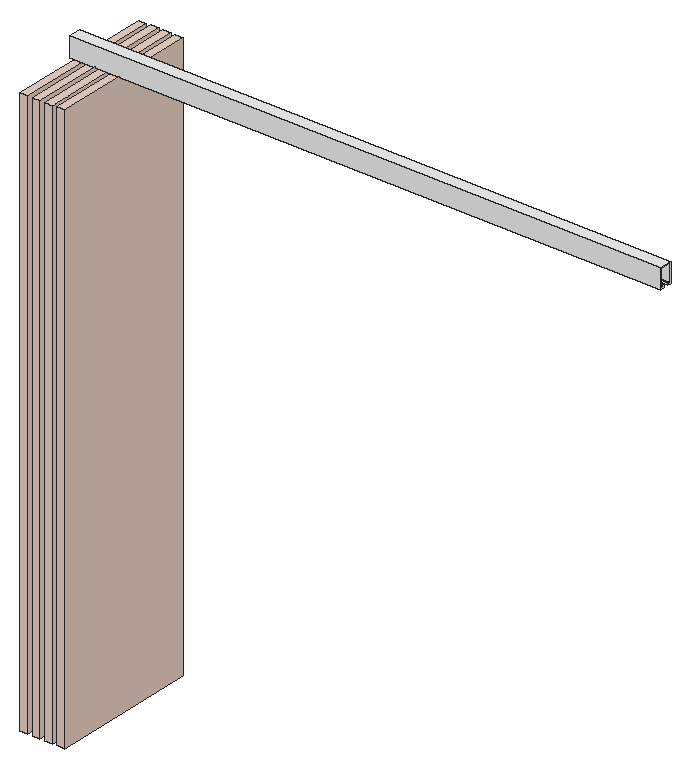
Revit family "0039_M_DR_W_partition-folding", category 특수 시설물, Revit 2026
Family settings
  호스트 = 벽
  원형 커넥터 치수 = 지름 사용
  부품 유형 = 정의되지 않음
  뷰에서 절단 사용 = 아니오
  항상 수직 = 예
  로드될 때 보이드를 사용하여 절단 = 아니오
  주석 방향 유지 = 아니오
  공유 = 아니오
  룸 계산 점 = 아니오
Parameters (values of type "16' x 16'")
  조합 코드 = "C1010"
  기본 높이 = 0' - 0"
  Height = 16' - 0"
  Length = 16' - 0"
  Panel Material = Textile - Fabric
  Panels = Length / 4' 0"  # 4
Types (4): name | Length | Panels
  (no name) | 16' - 0" | 4
  20' x 16' | 20' - 0" | 5
  16' x 16' | 16' - 0" | 4
  12' x 16' | 12' - 0" | 3
Reference planes (in)
  plane 1: y = 0
  plane 2 "Center (L/R)": x = -120
  plane 3: x = 72
  plane 4: z = 192
  plane 5: z = 185.75
  plane 6: y = 24
  plane 7: y = -24
Forms (in)
  Sweep 1, solid, material "Metal - Aluminum, Brushed"
    path origin (0, 0, 0) x (1, 0, 0) y (0, 1, 0)
      loop
        line (-120, 0) -> (72, 0)
    profile origin (-24, 0, 0) x (0, 1, 0) y (0, 0, 1)
      loop
        line (-2, 192) -> (-2, 185.75) -> (-0.75, 185.75) -> (-0.75, 186.5) -> (-1, 186.5) -> (-1, 186) -> (-1.75, 186) -> (-1.75, 191.75) -> (1.75, 191.75) -> (1.75, 186) -> (1, 186) -> (1, 186.5) -> (0.75, 186.5) -> (0.75, 185.75) -> (2, 185.75) -> (2, 192) -> (-2, 192)
  Extrusion 2, solid, material "Textile - Fabric" <- "Panel Material"
    sketch origin (0, 0, 0) x (1, 0, 0) y (0, 1, 0)
      loop
        line (-118.5, 24) -> (-118.5, -24) -> (-116, -24) -> (-116, 24) -> (-118.5, 24)
    from 0 to 185.75
  Extrusion 3, solid, material "Textile - Fabric" <- "Panel Material"
    sketch origin (4, 0, 0) x (1, 0, 0) y (0, 1, 0)
      loop
        line (-118.5, 24) -> (-118.5, -24) -> (-116, -24) -> (-116, 24) -> (-118.5, 24)
    from 0 to 185.75
  Extrusion 4, solid, material "Textile - Fabric" <- "Panel Material"
    sketch origin (8, 0, 0) x (1, 0, 0) y (0, 1, 0)
      loop
        line (-118.5, 24) -> (-118.5, -24) -> (-116, -24) -> (-116, 24) -> (-118.5, 24)
    from 0 to 185.75
  Extrusion 5, solid, material "Textile - Fabric" <- "Panel Material"
    sketch origin (12, 0, 0) x (1, 0, 0) y (0, 1, 0)
      loop
        line (-118.5, 24) -> (-118.5, -24) -> (-116, -24) -> (-116, 24) -> (-118.5, 24)
    from 0 to 185.75
Lines and regions (in)
  Opening 1
    outline origin (-60, -3, 0) x (1, 0, 0) y (0, 0, 1)
      loop
        line (132, 192) -> (-60, 192) -> (-60, 0) -> (132, 0) -> (132, 192)
  symbolic lines, style "Overhead Track"
    curve 1: line (-120, 2, 0) -> (72, 2, 0)
    curve 2: line (-120, -2, 0) -> (72, -2, 0)
Text (in)
  text "Placement Side" at (0, 40.15149, 123.01588), in view "Right"
  text "Placement Side" at (-145.27275, 51.85913, 0), in view "Ref. Level"
  text "Placement Side" at (0, 47.49176, 140.59947), in view "Left"
Dimensions and locks (in)
  "Length": plane 2 "Center (L/R)" to plane 3
  "Height": level to plane 4
  locked: plane 5 to plane 4 at 6.25
  equal spacing: plane 7, plane 1, plane 6
  locked: plane 7 to plane 6 at 48
  equal spacing: group 1, group 2, group 3, group 4  (x2)
  aligned and locked: Opening 1 sketch curve to plane 3
  aligned and locked: Opening 1 sketch curve to plane 4
  aligned and locked: Opening 1 sketch curve to level
  aligned and locked: Opening 1 sketch curve to plane 2 "Center (L/R)"
  aligned and locked: plane 1 to Sweep 1 sketch curve
  aligned and locked: host wall to Sweep 1 sketch curve  (x2)
  aligned and locked: plane 2 "Center (L/R)" to curve 1
  aligned and locked: plane 2 "Center (L/R)" to curve 2
  aligned and locked: plane 3 to curve 1
  aligned and locked: host wall to curve 2
  aligned and locked: Extrusion 2 to plane 5
Automatic sketch dimensions
  profile plane to Sweep 1 sketch curve = 0' - 2"
  Sweep 1 sketch curve to Sweep 1 sketch curve = 0' - 0 1/4"  (x7)
  profile plane to Sweep 1 sketch curve = 0' - 1"
  Sweep 1 sketch curve to profile plane = 0' - 0 3/4"
  Sweep 1 sketch curve to Sweep 1 sketch curve = 0' - 0 3/4"
  level to Sweep 1 sketch curve = 15' - 5 3/4"
  Sweep 1 sketch curve to Sweep 1 sketch curve = 0' - 0"
  Sweep 1 sketch curve to Sweep 1 sketch curve = 0' - 0 1/2"  (x2)
  Sweep 1 sketch curve to Sweep 1 sketch curve = 0' - 5 1/4"
  curve 2 to host wall = 0' - 1"
  curve 1 to host wall = 0' - 1"
